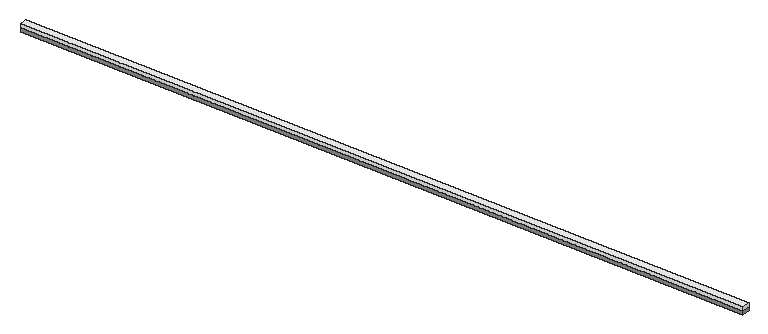
Revit family "KKDC_Flexible_KURV-X White_3000K_1010mm", category 조명 설비, Revit 2024
Family settings
  원형 커넥터 치수 = 지름 사용
  부품 유형 = 배선함
  OmniClass 번호 = 23.80.70.00
  OmniClass 제목 = Lighting
  작업 기준면 기반 = 예
  항상 수직 = 예
  로드될 때 보이드를 사용하여 절단 = 아니오
  광원 = 예
  주석 방향 유지 = 아니오
  공유 = 아니오
  룸 계산 점 = 아니오
Parameters (values of type "KURV-X k960 3000K 1000mm")
  측광 웹 파일 = "KURV-X 1010mm.IES"
  Emit from Rectangle Width = 10 mm
  직사각형 길이에서 발산 = 1010 mm
  와티지 해설 = "12.0W/m"
  Wattage = 12 W
  built-in parameter 1150110 = 1 (stored number, unit not read)
  built-in parameter 1114217 = 1 (stored number, unit not read)
  built-in parameter 1150109 = 1 (stored number, unit not read)
  built-in parameter 1150134 = (empty or 0)
  built-in parameter 1150113 = 1 (stored number, unit not read)
  Emit Shape Visible in Rendering = yes
  Lamp = ""
  기본 높이 = 1219.2 mm
  Lumens = 549.6 lm
  built-in parameter 1150115 = 1 (stored number, unit not read)
  built-in parameter 1150105 = 43.736 (stored number, unit not read)
  built-in parameter 1150137 = (empty or 0)
  built-in parameter 1150139 = (empty or 0)
  built-in parameter 1150112 = 1 (stored number, unit not read)
  built-in parameter 1150114 = 1 (stored number, unit not read)
  built-in parameter 1150132 = (empty or 0)
  built-in parameter 1150102 = (empty or 0)
  built-in parameter 1150138 = (empty or 0)
  built-in parameter 1150107 = 3000 (stored number, unit not read)
  built-in parameter 1150106 = 0.43736 (stored number, unit not read)
  built-in parameter 1150104 = 4.255 (stored number, unit not read)
  Tilt Angle = 90.00°
  Dimming Lamp Color Temperature Shift = (empty or 0)
  Color Filter = 16777215
  built-in parameter 1114218 = 1 (stored number, unit not read)
  직사각형 폭에서 발산 = 3048 mm
Reference planes
  plane 1 "광원 축(F/B)": y = 0
  plane 2: z = 0
  plane 3 "광원 축(L/R)": x = 0
  plane 4 "광원 입면도": z = 0
Forms (mm)
  Extrusion 1, solid, material "폴리카보네이트, 선명"
    sketch origin (0, 0, 0) x (0, 1, 0) y (0, 0, 1)
      loop
        line (5, 0) -> (-5, 0) -> (-5, -5) -> (5, -5) -> (5, 0)
    from -505 to 505
  Extrusion 2, solid, material "PMC, 플렉시블"
    sketch origin (0, 0, 0) x (0, 1, 0) y (0, 0, 1)
      loop
        line (5, 0) -> (5, 5) -> (-5, 5) -> (-5, 0) -> (5, 0)
    from -505 to 505
Dimensions and locks
  aligned and locked: level to plane 2
Connectors
  electrical at (0, 0, 5)
    settings: on Extrusion 2, index 1, voltage 24 V, apparent load 0 VA, apparent load phase1 0 VA, apparent load phase2 0 VA, apparent load phase3 0 VA, power factor 1, load classification "조명", number of poles 1, system type 31, power factor state 1, is connector primary yes, connector utility no, sub classification motor no, connector description ""
